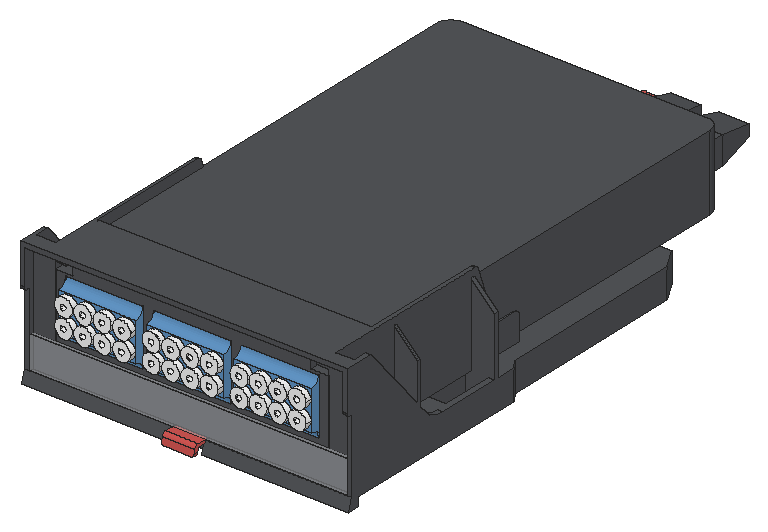
Revit family "Cassettes MTP", category Installations électriques, Revit 2020
Family settings
  Conserver l'orientation des annotations = Non
  Cote de connecteur circulaire = Utiliser le diamètre
  Type d'élément = Normal
  Basée sur le plan de construction = Non
  Toujours verticalement = Oui
  Couper avec des vides une fois chargée = Non
  Partagée = Non
  Point de calcul de pièce = Non
Parameters (values of type "Cassette MTP 24 LC OS2 panneau HD Ultra")
  Libellé BIM = "Cassette MTP 24 LC OS2 panneau HD Ultra"
  Profondeur = 196 mm
  Hauteur = 43.7 mm
  Couleur = IDS_NOIR
  Type de connecteur interne = "MT/MPO"
  Température de fonctionnement = "-10°C à 60°C"
  Lien e-catalogue = "https://www.legrand.fr/reference/032144/pro"
  Classe ETIM = "EC001130"
  Avec pigtails = no
  Avec façade = no
  Approprié pour nombre de connecteurs = 24
  Connecteurs LC = Connecteurs LC : 24 fibres OS2 monomode
  Elévation par défaut = 0 mm
  EAN = "3414970962188"
  Connecteurs SC = Connecteurs SC : 12 fibres OM4 multimode
  Visibilité des connecteurs = Nombre de connecteurs face arrière = 2  # yes
  Visibilité connecteurs LC = yes
  Visibilité connecteurs SC = no
  Avec boîtier = yes
  Classe de fibre optique = "OS2"
  Croisé = no
  Fonction = "Cassettes Slim haute densité MTP"
  Nombre de connecteurs face arrière = 2
  Nombre de connecteurs face avant = 24
  Température de stockage = "-10°C à 60°C"
  Type de connecteur externe = "LC_DUPLEX"
  Type de fibre optique = "Monomode"
  Largeur (mm) = 110 mm
  Référence Legrand = "032144"
Reference planes
  plane 1 "Centre (avant/arrière)": y = 0
  plane 2: z = 0
  plane 3 "Centre (gauche/droite)": x = 0
  plane 4: x = 110
  plane 5: x = 55
  plane 6: z = 10
  plane 7: z = 40.5
  plane 8: x = 8
  plane 9: y = 143
  plane 10: z = 37.3
  plane 11: x = 96
  plane 12: z = 29.3
  plane 13: y = 166.5
  plane 14: x = 80
  plane 15: x = 12.5
  plane 16: z = 13.8
  plane 17: y = 1.5
  plane 18: y = 27.5
  plane 19: z = 30
  plane 20: z = 38
  plane 21: z = 30
  plane 22: z = 38
  plane 23: z = 30
  plane 24: z = 38
  plane 25: z = 30
  plane 26: z = 38
Forms (mm)
  Extrusion 1, solid, material "IDS_NOIR" <- "Couleur"
    sketch origin (0, 0, 0) x (1, 0, 0) y (0, 1, 0)
      loop
        line (110, 0) -> (110, 68) -> (107.5, 71.441) -> (107.5, 135.5) -> (103.17, 143) -> (55, 143) -> (6.83, 143) -> (2.5, 135.5) -> (2.5, 71.441) -> (0, 68) -> (0, 0) -> (110, 0)
      loop
        line (2, 60) -> (2, 42) -> (10, 42) -> (10, 60) -> (2, 60)
      loop
        line (108, 60) -> (100, 60) -> (100, 42) -> (108, 42) -> (108, 60)
    from 0 to 10
  Extrusion 2, solid, material "IDS_NOIR" <- "Couleur"
    sketch origin (0, 0, 0) x (0, 1, 0) y (0, 0, 1)
      loop
        arc (38, 10) -> (33.774, 10.937) -> (30.34, 13.572) r 10
        line (30.34, 13.572) -> (7.744, 40.5) -> (-2, 40.5) -> (-2, 27)
        arc (-2, 27) -> (-1.707, 26.293) -> (-1, 26) r 1
        line (-1, 26) -> (0, 26) -> (0, 10) -> (38, 10)
    from 0 to 1.5
  Extrusion 3, solid, material "IDS_NOIR" <- "Couleur"
    sketch origin (110, 0, 0) x (0, 1, 0) y (0, 0, -1)
      loop
        line (38, -10) -> (0, -10) -> (0, -26) -> (-1, -26)
        arc (-1, -26) -> (-1.707, -26.293) -> (-2, -27) r 1
        line (-2, -27) -> (-2, -40.5) -> (7.744, -40.5) -> (30.34, -13.572)
        arc (30.34, -13.572) -> (33.774, -10.937) -> (38, -10) r 10
    from 0 to 1.5
  Extrusion 4, solid, material "IDS_NOIR" <- "Couleur"
    sketch origin (0, 45.834, 40.5) x (0, 1, 0) y (-1, 0, 0)
      loop
        line (-47.834, -1.5) -> (-47.834, -108.5) -> (-42.834, -108.5) -> (-42.834, -101) -> (-26.334, -101) -> (-26.334, -9) -> (-42.834, -9) -> (-42.834, -1.5) -> (-47.834, -1.5)
    from -1.5 to 0
  Extrusion 5, solid, material "IDS_NOIR" <- "Couleur"
    sketch origin (8, -1524, 47.803) x (0, 0, 1) y (0, -1, 0)
      loop
        line (-7.303, -1527) -> (-37.803, -1527) -> (-37.803, -1604) -> (-29.803, -1604)
        arc (-29.803, -1604) -> (-28.742, -1603.561) -> (-28.303, -1602.5) r 1.5
        line (-28.303, -1602.5) -> (-28.303, -1595.05)
        arc (-28.303, -1595.05) -> (-28.032, -1594.19) -> (-27.316, -1593.641) r 1.5
        line (-27.316, -1593.641) -> (-8.29, -1586.716)
        arc (-8.29, -1586.716) -> (-7.574, -1586.167) -> (-7.303, -1585.306) r 1.5
        line (-7.303, -1585.306) -> (-7.303, -1527)
    from 0 to 1
  Extrusion 6, solid, material "IDS_NOIR" <- "Couleur"
    sketch origin (102, -1524, 47.803) x (0, 0, 1) y (0, 1, 0)
      loop
        line (-7.303, 1527) -> (-7.303, 1585.306)
        arc (-7.303, 1585.306) -> (-7.574, 1586.167) -> (-8.29, 1586.716) r 1.5
        line (-8.29, 1586.716) -> (-27.316, 1593.641)
        arc (-27.316, 1593.641) -> (-28.032, 1594.19) -> (-28.303, 1595.05) r 1.5
        line (-28.303, 1595.05) -> (-28.303, 1602.5)
        arc (-28.303, 1602.5) -> (-28.742, 1603.561) -> (-29.803, 1604) r 1.5
        line (-29.803, 1604) -> (-37.803, 1604) -> (-37.803, 1527) -> (-7.303, 1527)
    from 0 to 1
  Extrusion 7, solid, material "IDS_NOIR" <- "Couleur"
    sketch origin (108.5, 3, 40.5) x (-1, 0, 0) y (0, 0, 1)
      loop
        line (107, -1.5) -> (0, -1.5) -> (0, -31.5) -> (107, -31.5) -> (107, -1.5)
      loop
        line (99.5, -4.5) -> (95.5, -4.5) -> (95.5, -2.7) -> (11.5, -2.7) -> (11.5, -4.5) -> (7.5, -4.5) -> (7.5, -28.5) -> (99.5, -28.5) -> (99.5, -4.5)
    from 0 to -1.5
  Extrusion 8, void
    sketch origin (0, 0, 0) x (1, 0, 0) y (0, 0, 1)
      loop
        line (1.5, 10) -> (1.5, 0) -> (108.5, 0) -> (108.5, 10) -> (1.5, 10)
    from 0 to -1.5
  Extrusion 9, solid, material "IDS_NOIR" <- "Couleur"
    sketch origin (0, 0, 0) x (0, 1, 0) y (0, 0, 1)
      loop
        line (0, 1) -> (-1.399, -3) -> (2.5, -3) -> (2.5, 1) -> (0, 1)
    from 0 to 110
  Extrusion 10, solid, material "IDS_TRANSPARENT"
    sketch origin (0, 0, 0) x (1, 0, 0) y (0, 0, 1)
      loop
        line (1.5, 1) -> (108.5, 1) -> (108.5, 12) -> (1.5, 12) -> (1.5, 1)
    from 0 to -1.5
  Extrusion 11, solid, material "IDS_NOIR"
    sketch origin (0, 207.846, 10) x (0, 1, 0) y (-1, 0, 0)
      loop
        line (-206.346, -9) -> (-206.346, -101) -> (-46.346, -101)
        arc (-46.346, -101) -> (-42.811, -99.536) -> (-41.346, -96) r 5
        line (-41.346, -96) -> (-41.346, -14)
        arc (-41.346, -14) -> (-42.811, -10.464) -> (-46.346, -9) r 5
        line (-46.346, -9) -> (-206.346, -9)
    from 2 to 27.3
  Extrusion 12, solid, material "IDS_NOIR" <- "Couleur"
    sketch origin (0, 178.814, 29.3) x (0, 1, 0) y (-1, 0, 0)
      loop
        line (-12.314, -96) -> (-5.514, -96) -> (-5.514, -83) -> (-12.314, -83) -> (-12.314, -96)
    from 0 to -9.5
  Blend 13, solid, material "IDS_NOIR" <- "Couleur"
    base sketch origin (0, 0, 0) x (1, 0, 0) y (0, 0, 1)
      loop
        line (94.5, 26.55) -> (84.5, 26.55) -> (84.5, 22.55) -> (94.5, 22.55) -> (94.5, 26.55)
    top sketch origin (0, 0, 0) x (1, 0, 0) y (0, 0, 1)
      loop
        line (96, 29.3) -> (83, 29.3) -> (83, 19.8) -> (96, 19.8) -> (96, 29.3)
    from -185.8 to -173.3
  Extrusion 14, solid, material "IDS_NOIR" <- "Couleur", visible <- "Visibilité des connecteurs"
    sketch origin (-16, 178.814, 29.3) x (0, 1, 0) y (-1, 0, 0)
      loop
        line (-12.314, -96) -> (-5.514, -96) -> (-5.514, -83) -> (-12.314, -83) -> (-12.314, -96)
    from 0 to -9.5
  Blend 15, solid, material "IDS_NOIR" <- "Couleur", visible <- "Visibilité des connecteurs"
    base sketch origin (-16, 0, 0) x (1, 0, 0) y (0, 0, 1)
      loop
        line (94.5, 26.55) -> (84.5, 26.55) -> (84.5, 22.55) -> (94.5, 22.55) -> (94.5, 26.55)
    top sketch origin (-16, 0, 0) x (1, 0, 0) y (0, 0, 1)
      loop
        line (96, 29.3) -> (83, 29.3) -> (83, 19.8) -> (96, 19.8) -> (96, 29.3)
    from -185.8 to -173.3
  Extrusion 16, void
    sketch origin (0, 1.5, 0) x (-1, 0, 0) y (0, 0, 1)
      loop
        line (-9, 37.8) -> (-15, 37.8) -> (-15, 33.8) -> (-9, 33.8) -> (-9, 37.8)
      loop
        line (-101, 37.8) -> (-101, 33.8) -> (-95, 33.8) -> (-95, 37.8) -> (-101, 37.8)
      loop
        line (-12.5, 32.8) -> (-38.5, 32.8) -> (-38.5, 13.8) -> (-12.5, 13.8) -> (-12.5, 32.8)
      loop
        line (-97.5, 32.8) -> (-97.5, 13.8) -> (-71.5, 13.8) -> (-71.5, 32.8) -> (-97.5, 32.8)
      loop
        line (-68, 32.8) -> (-68, 13.8) -> (-42, 13.8) -> (-42, 32.8) -> (-68, 32.8)
    from 0 to 8.6
  Extrusion 17, void
    sketch origin (0, 0, 0) x (1, 0, 0) y (0, 0, 1)
      loop
        line (49.5, -3) -> (60.5, -3) -> (60.5, 1) -> (49.5, 1) -> (49.5, -3)
    from -1.5 to 1.5
  Extrusion 18, solid, material "IDS_ROUGE"
    sketch origin (49.5, 0, -2.301) x (0, 0, -1) y (0, 1, 0)
      loop
        line (-3.301, 1.5) -> (-3.301, -2.7)
        arc (-3.301, -2.7) -> (-2.95, -3.664) -> (-2.061, -4.177) r 1.5
        line (-2.061, -4.177) -> (0.127, -4.563) -> (0.301, -3.578) -> (-1.64, -3.236)
        arc (-1.64, -3.236) -> (-2.114, -2.963) -> (-2.301, -2.448) r 0.8
        line (-2.301, -2.448) -> (-2.301, 1.5) -> (-3.301, 1.5)
    from 0 to 11
  Extrusion 19, void
    sketch origin (49.5, -3.973, 0.92) x (0, 0.173648, 0.984808) y (1, 0, 0)
      loop
        line (-3.399, 1) -> (-3.399, 0) -> (-2.399, 0)
        arc (-2.399, 0) -> (-3.107, 0.293) -> (-3.399, 1) r 1
      loop
        arc (-3.399, 10) -> (-3.107, 10.707) -> (-2.399, 11) r 1
        line (-2.399, 11) -> (-3.399, 11) -> (-3.399, 10)
    from 0 to 1
  Extrusion 20, solid, material "IDS_ROUGE"
    sketch origin (0, 207.846, 12) x (-1, 0, 0) y (0, 1, 0)
      loop
        arc (-49, -41.346) -> (-45.464, -39.882) -> (-44, -36.346) r 5
        line (-44, -36.346) -> (-44, -21.346)
        arc (-44, -21.346) -> (-45.464, -17.811) -> (-49, -16.346) r 5
        line (-49, -16.346) -> (-61, -16.346)
        arc (-61, -16.346) -> (-64.536, -17.811) -> (-66, -21.346) r 5
        line (-66, -21.346) -> (-66, -36.346)
        arc (-66, -36.346) -> (-64.536, -39.882) -> (-61, -41.346) r 5
        line (-61, -41.346) -> (-49, -41.346)
      loop
        arc (-45.2, -21.346) -> (-46.313, -18.659) -> (-49, -17.546) r 3.8
        line (-49, -17.546) -> (-61, -17.546)
        arc (-61, -17.546) -> (-63.687, -18.659) -> (-64.8, -21.346) r 3.8
        line (-64.8, -21.346) -> (-64.8, -36.346)
        arc (-64.8, -36.346) -> (-63.687, -39.033) -> (-61, -40.146) r 3.8
        line (-61, -40.146) -> (-49, -40.146)
        arc (-49, -40.146) -> (-46.313, -39.033) -> (-45.2, -36.346) r 3.8
        line (-45.2, -36.346) -> (-45.2, -21.346)
    from 0 to -5.5
  Extrusion 21, solid, material "IDS_ROUGE"
    sketch origin (0, 207.846, 12) x (0, -1, 0) y (-1, 0, 0)
      loop
        line (17.546, -49) -> (17.546, -61)
        arc (17.546, -61) -> (18.659, -63.687) -> (21.346, -64.8) r 3.8
        line (21.346, -64.8) -> (36.346, -64.8)
        arc (36.346, -64.8) -> (39.033, -63.687) -> (40.146, -61) r 3.8
        line (40.146, -61) -> (40.146, -49)
        arc (40.146, -49) -> (39.033, -46.313) -> (36.346, -45.2) r 3.8
        line (36.346, -45.2) -> (21.346, -45.2)
        arc (21.346, -45.2) -> (18.659, -46.313) -> (17.546, -49) r 3.8
      loop
        line (18.546, -53.5) -> (18.546, -56.5)
        arc (18.546, -56.5) -> (20.597, -61.45) -> (25.546, -63.5) r 7
        line (25.546, -63.5) -> (32.146, -63.5)
        arc (32.146, -63.5) -> (37.096, -61.45) -> (39.146, -56.5) r 7
        line (39.146, -56.5) -> (39.146, -53.5)
        arc (39.146, -53.5) -> (37.096, -48.55) -> (32.146, -46.5) r 7
        line (32.146, -46.5) -> (25.546, -46.5)
        arc (25.546, -46.5) -> (20.597, -48.55) -> (18.546, -53.5) r 7
    from 0 to -1.2
  Extrusion 22, solid, material "IDS_ROUGE"
    sketch origin (0, 0, 0) x (1, 0, 0) y (0, 1, 0)
      loop
        line (49, 191.5) -> (61, 191.5) -> (61, 197.5)
        arc (61, 197.5) -> (60.707, 198.207) -> (60, 198.5) r 1
        line (60, 198.5) -> (50, 198.5)
        arc (50, 198.5) -> (49.293, 198.207) -> (49, 197.5) r 1
        line (49, 197.5) -> (49, 191.5)
    from 15 to 12
  Extrusion 23, solid, material "IDS_NOIR" <- "Couleur"
    sketch origin (-16.315, 27.5, 1200) x (-1, 0, 0) y (0, 0, 1)
      loop
        line (-16.315, -1200) -> (-16.315, -1170) -> (-24.315, -1162) -> (-24.315, -1200) -> (-16.315, -1200)
      loop
        line (-126.315, -1200) -> (-118.315, -1200) -> (-118.315, -1162) -> (-126.315, -1170) -> (-126.315, -1200)
    from 0 to 1
  Extrusion 24, solid, material "IDS_NOIR" <- "Couleur"
    sketch origin (-16.315, 60, 1200) x (-1, 0, 0) y (0, 0, 1)
      loop
        line (-16.315, -1200) -> (-16.315, -1170) -> (-24.315, -1162) -> (-24.315, -1200) -> (-16.315, -1200)
      loop
        line (-126.315, -1200) -> (-118.315, -1200) -> (-118.315, -1162) -> (-126.315, -1170) -> (-126.315, -1200)
    from 0 to 1
Cuts and joins
  Extrusion 8, Extrusion 17 cuts Extrusion 1
  Extrusion 8, Extrusion 17 cuts Extrusion 2
  Extrusion 8, Extrusion 17 cuts Extrusion 3
  Extrusion 8, Extrusion 17 cuts Extrusion 4
  Extrusion 17 cuts Extrusion 5
  Extrusion 17 cuts Extrusion 6
  Extrusion 17 cuts Extrusion 7
  Extrusion 17 cuts Extrusion 9
  joined: Extrusion 1, Extrusion 2, Extrusion 3, Extrusion 4, Extrusion 5, Extrusion 6, Extrusion 7, Extrusion 9, Extrusion 23, Extrusion 24
  joined: Extrusion 12, Blend 13
  Extrusion 16 cuts Extrusion 11
  Extrusion 19 cuts Extrusion 18
  joined: Extrusion 20, Extrusion 21, Extrusion 22
Dimensions and locks
  "Largeur (mm)": plane 4 to plane 3 "Centre (gauche/droite)"
  equal spacing: plane 3 "Centre (gauche/droite)", plane 5, plane 4, locked at 55 each
  locked: Extrusion 1 sketch curve to plane 5 at 52.5  (x2)
  locked: Extrusion 1 sketch curve to Extrusion 1 sketch curve at 68  (x2)
  Extrusion 1 sketch curve to Extrusion 1 sketch curve = 7.5 mm  (x2)
  locked: Extrusion 1 sketch curve to Extrusion 1 sketch curve at 2  (x2)
  locked: Extrusion 1 sketch curve to Extrusion 1 sketch curve at 8  (x2)
  locked: Extrusion 1 sketch curve to Extrusion 1 sketch curve at 42  (x2)
  locked: Extrusion 1 sketch curve to Extrusion 1 sketch curve at 18  (x2)
  locked: plane 6 to plane 2 at 10
  plane 7 to level = 40.5 mm
  locked: Extrusion 2 sketch curve to Extrusion 2 sketch curve at 38
  Extrusion 2 sketch curve to Extrusion 2 sketch curve = 2 mm
  Extrusion 2 sketch curve to Extrusion 1 = 16 mm
  locked: Extrusion 3 sketch curve to Extrusion 3 sketch curve at 38
  Extrusion 3 sketch curve to Extrusion 3 sketch curve = 2 mm
  locked: Extrusion 4 sketch curve to Extrusion 4 sketch curve at 5
  locked: Extrusion 5 sketch curve to cut or joined group 1 (Extrusion 1, Extrusion 2, Extrusion 3, Extrusion 4, Extrusion 5, Extrusion 6, Extrusion 7, Extrusion 8, Extrusion 9, Extrusion 17, Extrusion 23, Extrusion 24) at 5
  locked: Extrusion 5 sketch curve to Extrusion 5 sketch curve at 77
  Extrusion 5 sketch curve to cut or joined group 1 = 9.5 mm
  Extrusion 5 sketch curve to Extrusion 5 sketch curve = 8.95 mm
  locked: plane 8 to plane 3 "Centre (gauche/droite)" at 8
  locked: Extrusion 6 sketch curve to Extrusion 6 sketch curve at 77
  Extrusion 6 sketch curve to Extrusion 6 sketch curve = 8.95 mm
  Extrusion 4 sketch curve to cut or joined group 1 = 21.5 mm
  locked: Extrusion 7 sketch curve to level at 12
  locked: Extrusion 7 sketch curve to Extrusion 7 sketch curve at 24
  locked: Extrusion 7 sketch curve to Extrusion 7 sketch curve at 1.8
  locked: Extrusion 7 sketch curve to Extrusion 7 sketch curve at 84
  cut or joined group 1 to cut or joined group 1 = 6.5 mm  (x2)
  locked: cut or joined group 1 to plane 3 "Centre (gauche/droite)" at 13
  locked: Extrusion 9 sketch curve to plane 1 "Centre (avant/arrière)" at 2.5
  locked: level to Extrusion 9 sketch curve at 3
  locked: Extrusion 9 sketch curve to Extrusion 9 sketch curve at 4
  plane 1 "Centre (avant/arrière)" to plane 9 = 143 mm
  locked: plane 10 to level at 37.3
  locked: plane 11 to Extrusion 11 at 5
  locked: Extrusion 12 sketch curve to Extrusion 11 at 6.8
  locked: Extrusion 12 sketch curve to plane 11 at 13
  plane 10 to plane 12 = 8 mm
  locked: Extrusion 12 to plane 12 at 9.5
  locked: plane 13 to plane 1 "Centre (avant/arrière)" at 166.5
  locked: Extrusion 14 sketch curve to plane 14 at 13
  Extrusion 16 sketch curve to Extrusion 16 sketch curve to plane 5 = 6 mm, 40 mm  (x2)
  locked: Extrusion 16 sketch curve to Extrusion 16 sketch curve at 4  (x2)
  locked: Extrusion 11 to Extrusion 16 sketch curve at 3.5
  locked: cut or joined group 1 to Extrusion 16 sketch curve at 5
  locked: Extrusion 16 sketch curve to Extrusion 16 sketch curve at 19  (x3)
  locked: Extrusion 16 sketch curve to Extrusion 16 sketch curve at 26  (x3)
  cut or joined group 1 to Extrusion 16 sketch curve = 5 mm
  Extrusion 11 to Extrusion 16 sketch curve = 3.5 mm
  locked: Extrusion 16 sketch curve to Extrusion 16 sketch curve at 3.5  (x2)
  locked: Extrusion 17 sketch curve to plane 5 at 5.5  (x2)
  cut or joined group 1 to Extrusion 18 sketch curve = 4 mm
  cut or joined group 1 to Extrusion 18 sketch curve = 2.7 mm
  locked: plane 5 to Extrusion 20 sketch curve at 11
  locked: Extrusion 20 sketch curve to plane 5 at 11
  locked: Extrusion 20 sketch curve to cut or joined group of Extrusion 11, Extrusion 16 at 25
  Extrusion 21 sketch curve to plane 5 = 8.5 mm
  plane 5 to Extrusion 21 sketch curve = 8.5 mm
  Extrusion 21 sketch curve to Extrusion 20 = 1 mm  (x2)
  Extrusion 22 sketch curve to cut or joined group of Extrusion 20, Extrusion 21, Extrusion 22 = 7 mm
  Extrusion 22 sketch curve to plane 5 = 6 mm
  plane 5 to Extrusion 22 sketch curve = 6 mm
  locked: plane 1 "Centre (avant/arrière)" to plane 18 at 27.5
  plane 19 to level = 30 mm
  plane 20 to level = 38 mm
  radius of Extrusion 2 sketch curve = 10 mm
  radius of Extrusion 3 sketch curve = 10 mm
  radius of Extrusion 11 sketch curve = 5 mm  (x2)
  radius of Extrusion 20 sketch curve = 5 mm  (x4)
  locked: Extrusion 1 sketch curve to Extrusion 1 sketch curve (angle 150.00°)  (x2)
  angle Extrusion 1 sketch curve to Extrusion 1 sketch curve = 144.00°  (x2)
  locked: Extrusion 2 sketch curve to Extrusion 2 sketch curve (angle 130.00°)
  angle Extrusion 3 sketch curve to Extrusion 3 sketch curve = 130.00°
  locked: Extrusion 5 sketch curve to Extrusion 5 sketch curve (angle 110.00°)
  angle Extrusion 6 sketch curve to Extrusion 6 sketch curve = 110.00°
  locked: Extrusion 18 sketch curve to Extrusion 18 sketch curve (angle 100.00°)
  aligned and locked: level to plane 2
  aligned and locked: plane 4 to Extrusion 1 sketch curve
  aligned and locked: Extrusion 1 sketch curve to plane 1 "Centre (avant/arrière)"
  aligned and locked: plane 3 "Centre (gauche/droite)" to Extrusion 1 sketch curve
  aligned and locked: plane 5 to Extrusion 1 sketch curve  (x2)
  aligned and locked: plane 6 to Extrusion 1
  aligned and locked: plane 6 to Extrusion 2 sketch curve
  aligned and locked: Extrusion 2 sketch curve to Extrusion 1
  aligned and locked: Extrusion 2 sketch curve to plane 7
  aligned and locked: Extrusion 3 to plane 4
  aligned and locked: cut or joined group 1 to Extrusion 4 sketch curve
  aligned and locked: Extrusion 4 sketch curve to cut or joined group 1  (x2)
  aligned and locked: plane 7 to Extrusion 4
  aligned and locked: plane 6 to Extrusion 5 sketch curve
  aligned and locked: Extrusion 5 sketch curve to plane 7
  aligned and locked: Extrusion 5 to plane 8
  aligned and locked: Extrusion 4 sketch curve to Extrusion 5
  aligned and locked: Extrusion 4 sketch curve to Extrusion 6
  aligned and locked: Extrusion 4 sketch curve to Extrusion 4 sketch curve
  aligned and locked: Extrusion 8 sketch curve to cut or joined group 1  (x3)
  aligned and locked: Extrusion 7 sketch curve to Extrusion 7 sketch curve
  aligned and locked: plane 1 "Centre (avant/arrière)" to Extrusion 9 sketch curve
  aligned and locked: Extrusion 9 to plane 4
  aligned and locked: Extrusion 10 sketch curve to cut or joined group 1  (x4)
  aligned and locked: Extrusion 10 to cut or joined group 1
  aligned and locked: Extrusion 1 sketch curve to plane 9
  aligned and locked: Extrusion 11 sketch curve to cut or joined group 1  (x3)
  aligned and locked: Extrusion 11 to plane 10
  aligned and locked: plane 11 to Extrusion 12 sketch curve
  aligned and locked: Blend 13 sketch curve to Extrusion 12  (x4)
  aligned and locked: Blend 13 to Extrusion 12
  aligned and locked: plane 13 to Extrusion 11
  aligned and locked: plane 13 to Extrusion 11 sketch curve
  aligned and locked: plane 14 to Extrusion 14 sketch curve
  aligned and locked: Blend 15 sketch curve to Extrusion 14  (x4)
  aligned and locked: Blend 15 to Extrusion 14
  aligned and locked: Extrusion 11 to cut or joined group 1
  aligned and locked: plane 16 to cut or joined group of Extrusion 11, Extrusion 16
  aligned and locked: plane 15 to cut or joined group of Extrusion 11, Extrusion 16
  aligned and locked: plane 17 to cut or joined group 1
  aligned and locked: cut or joined group 1 to Extrusion 17 sketch curve  (x2)
  aligned and locked: Extrusion 7 to Extrusion 17
  aligned and locked: plane 17 to Extrusion 18 sketch curve  (x2)
  aligned and locked: cut or joined group 1 to Extrusion 18
  aligned and locked: Extrusion 18 to Extrusion 19
  aligned and locked: Extrusion 20 sketch curve to plane 13
  aligned and locked: Extrusion 21 sketch curve to Extrusion 20  (x2)
  aligned and locked: Extrusion 22 sketch curve to cut or joined group of Extrusion 20, Extrusion 21, Extrusion 22
  aligned and locked: plane 15 to nested 1
  aligned and locked: plane 15 to nested 2
  aligned and locked: nested 2 to nested 1
  aligned and locked: Extrusion 23 sketch curve to plane 3 "Centre (gauche/droite)"
  aligned and locked: plane 8 to Extrusion 23 sketch curve
  aligned and locked: Extrusion 23 sketch curve to plane 2
Automatic sketch dimensions
  Extrusion 2 sketch curve to plane 6 = 0 mm
  Extrusion 2 sketch curve to Extrusion 2 sketch curve = 1 mm
  Extrusion 2 sketch curve to plane 16 = 0.228 mm
  Extrusion 2 sketch curve to Extrusion 2 sketch curve = 0 mm
  Extrusion 3 sketch curve to plane 7 = 0 mm
  Extrusion 3 sketch curve to plane 1 "Centre (avant/arrière)" = 0 mm
  Extrusion 3 sketch curve to plane 6 = 0 mm  (x2)
  Extrusion 3 sketch curve to Extrusion 3 sketch curve = 1 mm
  Extrusion 3 sketch curve to plane 16 = 0.228 mm
  Extrusion 3 sketch curve to plane 12 = 2.3 mm
  Extrusion 3 sketch curve to Extrusion 3 sketch curve = 0 mm
  Extrusion 5 sketch curve to Extrusion 5 sketch curve = 1.5 mm  (x2)
  Extrusion 5 sketch curve to Extrusion 5 sketch curve = 0.987 mm
  Extrusion 6 sketch curve to plane 6 = 0 mm
  Extrusion 6 sketch curve to plane 7 = 0 mm
  plane 16 to Extrusion 6 sketch curve = 4.2 mm
  Extrusion 6 sketch curve to Extrusion 6 sketch curve = 1.5 mm  (x2)
  Extrusion 6 sketch curve to Extrusion 6 sketch curve = 0.987 mm
  plane 17 to Extrusion 6 sketch curve = 1.5 mm
  Extrusion 7 sketch curve to Extrusion 4 = 0 mm  (x3)
  Extrusion 4 to Extrusion 7 sketch curve = 4 mm
  Extrusion 7 sketch curve to Extrusion 7 sketch curve = 4 mm
  Extrusion 7 sketch curve to Extrusion 7 sketch curve = 7.5 mm
  Extrusion 7 sketch curve to Extrusion 7 sketch curve = 3 mm
  plane 4 to Extrusion 8 sketch curve = 1.5 mm
  plane 1 "Centre (avant/arrière)" to Extrusion 9 sketch curve = 1.399 mm
  Extrusion 11 sketch curve to Extrusion 11 sketch curve = 0 mm  (x2)
  Extrusion 12 sketch curve to plane 13 = 0 mm
  Blend 13 sketch curve to plane 12 = 2.75 mm
  plane 4 to Blend 13 sketch curve = 25.5 mm
  Blend 13 sketch curve to Blend 13 sketch curve = 10 mm
  Blend 13 sketch curve to Blend 13 sketch curve = 4 mm
  Extrusion 14 sketch curve to plane 13 = 0 mm
  Extrusion 14 sketch curve to Extrusion 14 sketch curve = 6.8 mm
  Blend 15 sketch curve to plane 12 = 2.75 mm
  plane 5 to Blend 15 sketch curve = 13.5 mm
  Blend 15 sketch curve to Blend 15 sketch curve = 10 mm
  Blend 15 sketch curve to Blend 15 sketch curve = 4 mm
  Extrusion 16 sketch curve to Extrusion 16 sketch curve = 0 mm
  Extrusion 16 sketch curve to Extrusion 16 sketch curve = 1 mm  (x2)
  Extrusion 17 to Extrusion 18 sketch curve = 1 mm
  Extrusion 17 to Extrusion 18 sketch curve = 1.24 mm
  Extrusion 18 sketch curve to Extrusion 18 sketch curve = 0.161 mm
  Extrusion 18 sketch curve to Extrusion 17 = 0.572 mm
  Extrusion 18 sketch curve to Extrusion 17 = 0.398 mm
  Extrusion 18 to Extrusion 19 sketch curve = 0 mm  (x2)
  Extrusion 19 sketch curve to Extrusion 18 = 0 mm  (x2)
  Extrusion 18 to Extrusion 19 sketch curve = 1 mm  (x2)
  Extrusion 20 sketch curve to Extrusion 20 sketch curve = 0 mm  (x7)
  Extrusion 20 sketch curve to Extrusion 20 sketch curve = 1.2 mm
  Extrusion 20 to Extrusion 21 sketch curve = 0 mm
  Extrusion 21 sketch curve to Extrusion 21 sketch curve = 4.2 mm  (x2)
  Extrusion 21 sketch curve to Extrusion 21 sketch curve = 6.6 mm
  Extrusion 21 sketch curve to Extrusion 21 sketch curve = 0 mm
  Extrusion 21 sketch curve to Extrusion 20 = 3.8 mm  (x2)
  Extrusion 22 sketch curve to Extrusion 22 sketch curve = 1 mm  (x2)
  Extrusion 23 sketch curve to level = 0 mm
  plane 4 to Extrusion 23 sketch curve = 0 mm
  Extrusion 23 sketch curve to plane 20 = 0 mm  (x2)
  Extrusion 23 sketch curve to plane 19 = 0 mm  (x2)
  plane 4 to Extrusion 23 sketch curve = 8 mm
  Extrusion 24 sketch curve to level = 0 mm  (x2)
  plane 4 to Extrusion 24 sketch curve = 0 mm
  Extrusion 24 sketch curve to plane 24 = 0 mm  (x2)
  Extrusion 24 sketch curve to plane 8 = 0 mm
  Extrusion 24 sketch curve to plane 3 "Centre (gauche/droite)" = 0 mm
  Extrusion 24 sketch curve to plane 23 = 0 mm  (x2)
  plane 4 to Extrusion 24 sketch curve = 8 mm
Nested families
  nested 1: "Connecteurs LC" at (12.5, -1.5, 13.8), type <- "Connecteurs LC", visible <- "Visibilité connecteurs LC", type "24 fibres OS2 monomode"
  nested 2: "Connecteurs SC" at (12.5, -1.5, 13.8), type <- "Connecteurs SC", visible <- "Visibilité connecteurs SC", type "12 fibres OM4 multimode"
Definition of nested family "Connecteurs LC"
  Parameters (values of type "24 fibres OS2 monomode")
    IDS_COULEUR = none
    Default Elevation = 0 mm
    Nombre de connecteurs = 24
    Visibilité cachée = Nombre de connecteurs = 12  # no
    Connecteurs cachés = if(Nombre de connecteurs = 12, 13.8 mm, -1 mm)  # -1 mm
  Types (4, lengths in mm): name | Nombre de connecteurs | Visibilité cachée | Connecteurs cachés
    24 fibres OM4 multi mode | 24 | no | -1
    24 fibres OS2 monomode | 24 | no | -1
    12 fibres OM4 multimode | 12 | yes | 13.8
    12 fibres OS2 monomode | 12 | yes | 13.8
  Reference planes
    plane 1 "Centre (avant/arrière)": y = 0
    plane 2: z = 0
    plane 3 "Centre (gauche/droite)": x = 0
    plane 4: z = 19
    plane 5: x = 85
    plane 6: y = 11.6
    plane 7: x = 26
    plane 8: x = 29.5
    plane 9: x = 55.5
    plane 10: x = 59
    plane 11: z = 9.5
    plane 12: x = 13
    plane 13: x = 6.5
    plane 14: z = 12.75
    plane 15: x = 3.25
    plane 16: x = 9.75
    plane 17: x = 22.75
    plane 18: x = 16.25
    plane 19: y = 3
    plane 20: x = 13
    plane 21: x = 6.5
    plane 22: z = 6.25
    plane 23: x = 3.25
    plane 24: x = 9.75
    plane 25: x = 22.75
    plane 26: x = 16.25
    plane 27: x = 42.5
    plane 28: x = 36
    plane 29: z = 12.75
    plane 30: x = 32.75
    plane 31: x = 39.25
    plane 32: x = 52.25
    plane 33: x = 45.75
    plane 34: x = 42.5
    plane 35: x = 36
    plane 36: z = 6.25
    plane 37: x = 32.75
    plane 38: x = 39.25
    plane 39: x = 52.25
    plane 40: x = 45.75
    plane 41: x = 72
    plane 42: x = 65.5
    plane 43: z = 12.75
    plane 44: x = 62.25
    plane 45: x = 68.75
    plane 46: x = 81.75
    plane 47: x = 75.25
    plane 48: x = 72
    plane 49: x = 65.5
    plane 50: z = 6.25
    plane 51: x = 62.25
    plane 52: x = 68.75
    plane 53: x = 81.75
    plane 54: x = 75.25
  Forms (mm)
    Extrusion 1, solid, material <- "IDS_COULEUR"
      sketch origin (0, 0, 0) x (0, 1, 0) y (0, 0, 1)
        loop
          line (3, 0) -> (11.6, 0) -> (11.6, 19) -> (3, 19)
          arc (3, 19) -> (2.121, 16.879) -> (0, 16) r 3
          line (0, 16) -> (0, 3)
          arc (0, 3) -> (2.121, 2.121) -> (3, 0) r 3
      from 0 to 26
    Extrusion 2, solid
      sketch origin (0, 0, 0) x (1, 0, 0) y (0, 0, 1)
        loop
          circle (3.25, 12.75) r 3
        loop
          circle (9.75, 12.75) r 3
        loop
          circle (16.25, 12.75) r 3
        loop
          circle (22.75, 12.75) r 3
        loop
          circle (3.25, 12.75) r 1
        loop
          circle (9.75, 12.75) r 1
        loop
          circle (16.25, 12.75) r 1
        loop
          circle (22.75, 12.75) r 1
      from 0 to 2
    Extrusion 3, solid
      sketch origin (0, 0, 19) x (1, 0, 0) y (0, 0, 1)
        loop
          circle (3.25, -12.75) r 3
        loop
          circle (9.75, -12.75) r 3
        loop
          circle (16.25, -12.75) r 3
        loop
          circle (22.75, -12.75) r 3
        loop
          circle (3.25, -12.75) r 1
        loop
          circle (9.75, -12.75) r 1
        loop
          circle (16.25, -12.75) r 1
        loop
          circle (22.75, -12.75) r 1
      from 0 to 2
    Extrusion 4, solid, material <- "IDS_COULEUR"
      sketch origin (29.5, 0, 0) x (0, 1, 0) y (0, 0, 1)
        loop
          line (3, 0) -> (11.6, 0) -> (11.6, 19) -> (3, 19)
          arc (3, 19) -> (2.121, 16.879) -> (0, 16) r 3
          line (0, 16) -> (0, 3)
          arc (0, 3) -> (2.121, 2.121) -> (3, 0) r 3
      from 0 to 26
    Extrusion 5, solid
      sketch origin (29.5, 0, 0) x (1, 0, 0) y (0, 0, 1)
        loop
          circle (3.25, 12.75) r 3
        loop
          circle (9.75, 12.75) r 3
        loop
          circle (16.25, 12.75) r 3
        loop
          circle (22.75, 12.75) r 3
        loop
          circle (3.25, 12.75) r 1
        loop
          circle (9.75, 12.75) r 1
        loop
          circle (16.25, 12.75) r 1
        loop
          circle (22.75, 12.75) r 1
      from 0 to 2
    Extrusion 6, solid
      sketch origin (29.5, 0, 19) x (1, 0, 0) y (0, 0, 1)
        loop
          circle (3.25, -12.75) r 3
        loop
          circle (9.75, -12.75) r 3
        loop
          circle (16.25, -12.75) r 3
        loop
          circle (22.75, -12.75) r 3
        loop
          circle (3.25, -12.75) r 1
        loop
          circle (9.75, -12.75) r 1
        loop
          circle (16.25, -12.75) r 1
        loop
          circle (22.75, -12.75) r 1
      from 0 to 2
    Extrusion 7, solid, material <- "IDS_COULEUR"
      sketch origin (59, 0, 0) x (0, 1, 0) y (0, 0, 1)
        loop
          line (3, 0) -> (11.6, 0) -> (11.6, 19) -> (3, 19)
          arc (3, 19) -> (2.121, 16.879) -> (0, 16) r 3
          line (0, 16) -> (0, 3)
          arc (0, 3) -> (2.121, 2.121) -> (3, 0) r 3
      from 0 to 26
    Extrusion 8, solid
      sketch origin (59, 0, 0) x (1, 0, 0) y (0, 0, 1)
        loop
          circle (3.25, 12.75) r 3
        loop
          circle (9.75, 12.75) r 3
        loop
          circle (16.25, 12.75) r 3
        loop
          circle (22.75, 12.75) r 3
        loop
          circle (3.25, 12.75) r 1
        loop
          circle (9.75, 12.75) r 1
        loop
          circle (16.25, 12.75) r 1
        loop
          circle (22.75, 12.75) r 1
      from 0 to 2
    Extrusion 9, solid
      sketch origin (59, 0, 19) x (1, 0, 0) y (0, 0, 1)
        loop
          circle (3.25, -12.75) r 3
        loop
          circle (9.75, -12.75) r 3
        loop
          circle (16.25, -12.75) r 3
        loop
          circle (22.75, -12.75) r 3
        loop
          circle (3.25, -12.75) r 1
        loop
          circle (9.75, -12.75) r 1
        loop
          circle (16.25, -12.75) r 1
        loop
          circle (22.75, -12.75) r 1
      from 0 to 2
    Extrusion 10, solid, visible <- "Visibilité cachée"
      sketch origin (0, 0, 0) x (1, 0, 0) y (0, 0, 1)
        loop
          line (0, 0) -> (26, 0) -> (26, 9.5) -> (0, 9.5) -> (0, 0)
        loop
          line (29.5, 0) -> (55.5, 0) -> (55.5, 9.5) -> (29.5, 9.5) -> (29.5, 0)
        loop
          line (59, 0) -> (85, 0) -> (85, 9.5) -> (59, 9.5) -> (59, 0)
      from -3 to -11.6
    Extrusion 11, void
      sketch origin (-66.882, 11.6, 1200) x (1, 0, 0) y (0, 0, 1)
        loop
          line (66.882, -1200) -> (151.882, -1200) -> (151.882, -1190.5) -> (66.882, -1190.5) -> (66.882, -1200)
      from 0 to -1 <- "Connecteurs cachés"
  Cuts and joins
    Extrusion 11 cuts Extrusion 1
    Extrusion 11 cuts Extrusion 3
    Extrusion 11 cuts Extrusion 4
    Extrusion 11 cuts Extrusion 6
    Extrusion 11 cuts Extrusion 7
    Extrusion 11 cuts Extrusion 9
  Dimensions and locks
    locked: plane 5 to plane 3 "Centre (gauche/droite)" at 85
    locked: plane 4 to plane 2 at 19
    locked: plane 6 to plane 1 "Centre (avant/arrière)" at 11.6
    locked: plane 8 to plane 7 at 3.5
    locked: plane 7 to plane 3 "Centre (gauche/droite)" at 26
    locked: plane 8 to plane 9 at 26
    locked: plane 10 to plane 9 at 3.5
    plane 5 to plane 10 = 26 mm
    equal spacing: plane 2, plane 11, plane 4, locked at 9.5 each
    equal spacing: plane 3 "Centre (gauche/droite)", plane 12, plane 7
    equal spacing: Extrusion 1, plane 13, plane 12
    equal spacing: Extrusion 1, plane 14, plane 11
    equal spacing: plane 3 "Centre (gauche/droite)", plane 15, plane 13
    equal spacing: plane 12, plane 16, plane 13
    plane 21 to plane 20 = 6.5 mm
    plane 23 to plane 21 = 3.25 mm
    equal spacing: plane 20, plane 24, plane 21
    equal spacing: Extrusion 4, plane 28, plane 27
    Extrusion 4 to plane 29 = 3.25 mm
    plane 30 to plane 28 = 3.25 mm
    equal spacing: plane 27, plane 31, plane 28
    plane 35 to plane 34 = 6.5 mm
    plane 37 to plane 35 = 3.25 mm
    equal spacing: plane 34, plane 38, plane 35
    equal spacing: Extrusion 7, plane 42, plane 41
    Extrusion 7 to plane 43 = 3.25 mm
    plane 44 to plane 42 = 3.25 mm
    equal spacing: plane 41, plane 45, plane 42
    plane 49 to plane 48 = 6.5 mm
    plane 51 to plane 49 = 3.25 mm
    equal spacing: plane 48, plane 52, plane 49
    Extrusion 11 to level = 9.5 mm
    aligned and locked: level to plane 2
    aligned and locked: Extrusion 1 sketch curve to level
    aligned and locked: plane 6 to Extrusion 1 sketch curve
    aligned and locked: plane 4 to Extrusion 1 sketch curve
    aligned and locked: plane 1 "Centre (avant/arrière)" to Extrusion 1 sketch curve
    aligned and locked: plane 7 to Extrusion 1
    aligned and locked: Extrusion 10 sketch curve to Extrusion 1  (x2)
    aligned and locked: Extrusion 1 to Extrusion 10 sketch curve
    aligned and locked: plane 11 to Extrusion 10 sketch curve  (x3)
    aligned and locked: Extrusion 10 sketch curve to Extrusion 4  (x2)
    aligned and locked: Extrusion 4 to Extrusion 10 sketch curve
    aligned and locked: Extrusion 10 sketch curve to plane 2
    aligned and locked: Extrusion 7 to Extrusion 10 sketch curve
    aligned and locked: Extrusion 10 sketch curve to Extrusion 7
    aligned and locked: plane 6 to Extrusion 10
    aligned and locked: Extrusion 11 sketch curve to Extrusion 1
    aligned and locked: Extrusion 1 to Extrusion 11 sketch curve
    aligned and locked: Extrusion 11 sketch curve to Extrusion 10  (x2)
    aligned and locked: plane 19 to Extrusion 10
  Automatic sketch dimensions
    Extrusion 1 sketch curve to plane 19 = 0 mm  (x2)
    Extrusion 2 sketch curve to Extrusion 2 sketch curve = 0 mm  (x8)
    Extrusion 2 sketch curve to plane 14 = 0 mm  (x4)
    Extrusion 2 sketch curve to plane 15 = 0 mm
    plane 16 to Extrusion 2 sketch curve = 0 mm
    Extrusion 2 sketch curve to plane 18 = 0 mm
    plane 17 to Extrusion 2 sketch curve = 0 mm
    Extrusion 3 sketch curve to Extrusion 3 sketch curve = 0 mm  (x8)
    Extrusion 3 sketch curve to plane 22 = 0 mm  (x4)
    Extrusion 3 sketch curve to plane 23 = 0 mm
    plane 24 to Extrusion 3 sketch curve = 0 mm
    Extrusion 3 sketch curve to plane 26 = 0 mm
    plane 25 to Extrusion 3 sketch curve = 0 mm
    Extrusion 4 sketch curve to plane 1 "Centre (avant/arrière)" = 0 mm
    Extrusion 4 sketch curve to level = 0 mm
    Extrusion 4 sketch curve to plane 19 = 0 mm  (x2)
    Extrusion 4 sketch curve to plane 4 = 0 mm
    Extrusion 4 sketch curve to plane 6 = 0 mm
    Extrusion 5 sketch curve to Extrusion 5 sketch curve = 0 mm  (x8)
    Extrusion 5 sketch curve to plane 29 = 0 mm  (x4)
    Extrusion 5 sketch curve to plane 30 = 0 mm
    plane 31 to Extrusion 5 sketch curve = 0 mm
    Extrusion 5 sketch curve to plane 33 = 0 mm
    plane 32 to Extrusion 5 sketch curve = 0 mm
    Extrusion 6 sketch curve to Extrusion 6 sketch curve = 0 mm  (x8)
    Extrusion 6 sketch curve to plane 36 = 0 mm  (x4)
    Extrusion 6 sketch curve to plane 37 = 0 mm
    plane 38 to Extrusion 6 sketch curve = 0 mm
    Extrusion 6 sketch curve to plane 40 = 0 mm
    plane 39 to Extrusion 6 sketch curve = 0 mm
    Extrusion 7 sketch curve to plane 1 "Centre (avant/arrière)" = 0 mm
    Extrusion 7 sketch curve to level = 0 mm
    Extrusion 7 sketch curve to plane 19 = 0 mm  (x2)
    Extrusion 7 sketch curve to plane 4 = 0 mm
    Extrusion 7 sketch curve to plane 6 = 0 mm
    Extrusion 8 sketch curve to Extrusion 8 sketch curve = 0 mm  (x8)
    Extrusion 8 sketch curve to plane 43 = 0 mm  (x4)
    Extrusion 8 sketch curve to plane 44 = 0 mm
    plane 45 to Extrusion 8 sketch curve = 0 mm
    Extrusion 8 sketch curve to plane 47 = 0 mm
    plane 46 to Extrusion 8 sketch curve = 0 mm
    Extrusion 9 sketch curve to Extrusion 9 sketch curve = 0 mm  (x8)
    Extrusion 9 sketch curve to plane 50 = 0 mm  (x4)
    Extrusion 9 sketch curve to plane 51 = 0 mm
    plane 52 to Extrusion 9 sketch curve = 0 mm
    Extrusion 9 sketch curve to plane 54 = 0 mm
    plane 53 to Extrusion 9 sketch curve = 0 mm
    radius of Extrusion 2 sketch curve = 3 mm  (x4)
    radius of Extrusion 2 sketch curve = 1 mm  (x4)
    radius of Extrusion 3 sketch curve = 3 mm  (x4)
    radius of Extrusion 3 sketch curve = 1 mm  (x4)
    radius of Extrusion 5 sketch curve = 3 mm  (x4)
    radius of Extrusion 5 sketch curve = 1 mm  (x4)
    radius of Extrusion 6 sketch curve = 3 mm  (x4)
    radius of Extrusion 6 sketch curve = 1 mm  (x4)
    radius of Extrusion 8 sketch curve = 3 mm  (x4)
    radius of Extrusion 8 sketch curve = 1 mm  (x4)
    radius of Extrusion 9 sketch curve = 3 mm  (x4)
    radius of Extrusion 9 sketch curve = 1 mm  (x4)
Definition of nested family "Connecteurs SC"
  Parameters (values of type "12 fibres OS2 monomode")
    IDS_COULEUR = none
    Default Elevation = 0 mm
    Number of connectors = 12
    Visibility hidden = Number of connectors = 12  # yes
    Connectors hidden = if(Number of connectors = 12, 13.8 mm, -1 mm)  # 13.8 mm
  Types (2): name
    12 fibres OM4 multimode
    12 fibres OS2 monomode
  Reference planes
    plane 1 "Centre (avant/arrière)": y = 0
    plane 2: z = 0
    plane 3 "Centre (gauche/droite)": x = 0
    plane 4: z = 19
    plane 5: x = 85
    plane 6: y = 11.6
    plane 7: x = 26
    plane 8: x = 29.5
    plane 9: x = 55.5
    plane 10: x = 59
    plane 11: z = 9.5
    plane 12: y = 3
    plane 13: x = 13
    plane 14: x = 26
    plane 15: x = 13
    plane 16: x = 26
    plane 17: x = 42.5
    plane 18: x = 55.5
    plane 19: x = 42.5
    plane 20: x = 55.5
    plane 21: x = 72
    plane 22: x = 85
    plane 23: x = 72
    plane 24: x = 85
  Forms (mm)
    Extrusion 1, solid, material <- "IDS_COULEUR"
      sketch origin (0, 0, 0) x (0, 1, 0) y (0, 0, 1)
        loop
          line (11.6, 0) -> (11.6, 19) -> (0, 19) -> (0, 0) -> (11.6, 0)
      from 0 to 26
    Extrusion 2, solid
      sketch origin (0, 0, 0) x (1, 0, 0) y (0, 0, 1)
        loop
          line (0, 9.5) -> (13, 9.5) -> (13, 19) -> (0, 19) -> (0, 9.5)
      from 0 to 2
    Extrusion 3, void
      sketch origin (0, -2, 0) x (-1, 0, 0) y (0, 0, 1)
        loop
          line (-1.5, 17.5) -> (-11.5, 17.5) -> (-11.5, 11) -> (-1.5, 11) -> (-1.5, 17.5)
      from 0 to 1.3
    Extrusion 4, solid
      sketch origin (13, 0, 0) x (1, 0, 0) y (0, 0, 1)
        loop
          line (0, 9.5) -> (13, 9.5) -> (13, 19) -> (0, 19) -> (0, 9.5)
      from 0 to 2
    Extrusion 5, void
      sketch origin (13, -2, 0) x (-1, 0, 0) y (0, 0, 1)
        loop
          line (-1.5, 17.5) -> (-11.5, 17.5) -> (-11.5, 11) -> (-1.5, 11) -> (-1.5, 17.5)
      from 0 to 1.3
    Extrusion 6, solid
      sketch origin (0, 0, -9.5) x (1, 0, 0) y (0, 0, 1)
        loop
          line (0, 9.5) -> (13, 9.5) -> (13, 19) -> (0, 19) -> (0, 9.5)
      from 0 to 2
    Extrusion 7, void
      sketch origin (0, -2, -9.5) x (-1, 0, 0) y (0, 0, 1)
        loop
          line (-1.5, 17.5) -> (-11.5, 17.5) -> (-11.5, 11) -> (-1.5, 11) -> (-1.5, 17.5)
      from 0 to 1.3
    Extrusion 8, solid
      sketch origin (13, 0, -9.5) x (1, 0, 0) y (0, 0, 1)
        loop
          line (0, 9.5) -> (13, 9.5) -> (13, 19) -> (0, 19) -> (0, 9.5)
      from 0 to 2
    Extrusion 9, void
      sketch origin (13, -2, -9.5) x (-1, 0, 0) y (0, 0, 1)
        loop
          line (-1.5, 17.5) -> (-11.5, 17.5) -> (-11.5, 11) -> (-1.5, 11) -> (-1.5, 17.5)
      from 0 to 1.3
    Extrusion 10, solid, material <- "IDS_COULEUR"
      sketch origin (29.5, 0, 0) x (0, 1, 0) y (0, 0, 1)
        loop
          line (11.6, 0) -> (11.6, 19) -> (0, 19) -> (0, 0) -> (11.6, 0)
      from 0 to 26
    Extrusion 11, solid
      sketch origin (29.5, 0, 0) x (1, 0, 0) y (0, 0, 1)
        loop
          line (0, 9.5) -> (13, 9.5) -> (13, 19) -> (0, 19) -> (0, 9.5)
      from 0 to 2
    Extrusion 12, void
      sketch origin (29.5, -2, 0) x (-1, 0, 0) y (0, 0, 1)
        loop
          line (-1.5, 17.5) -> (-11.5, 17.5) -> (-11.5, 11) -> (-1.5, 11) -> (-1.5, 17.5)
      from 0 to 1.3
    Extrusion 13, solid
      sketch origin (42.5, 0, 0) x (1, 0, 0) y (0, 0, 1)
        loop
          line (0, 9.5) -> (13, 9.5) -> (13, 19) -> (0, 19) -> (0, 9.5)
      from 0 to 2
    Extrusion 14, void
      sketch origin (42.5, -2, 0) x (-1, 0, 0) y (0, 0, 1)
        loop
          line (-1.5, 17.5) -> (-11.5, 17.5) -> (-11.5, 11) -> (-1.5, 11) -> (-1.5, 17.5)
      from 0 to 1.3
    Extrusion 15, solid
      sketch origin (29.5, 0, -9.5) x (1, 0, 0) y (0, 0, 1)
        loop
          line (0, 9.5) -> (13, 9.5) -> (13, 19) -> (0, 19) -> (0, 9.5)
      from 0 to 2
    Extrusion 16, void
      sketch origin (29.5, -2, -9.5) x (-1, 0, 0) y (0, 0, 1)
        loop
          line (-1.5, 17.5) -> (-11.5, 17.5) -> (-11.5, 11) -> (-1.5, 11) -> (-1.5, 17.5)
      from 0 to 1.3
    Extrusion 17, solid
      sketch origin (42.5, 0, -9.5) x (1, 0, 0) y (0, 0, 1)
        loop
          line (0, 9.5) -> (13, 9.5) -> (13, 19) -> (0, 19) -> (0, 9.5)
      from 0 to 2
    Extrusion 18, void
      sketch origin (42.5, -2, -9.5) x (-1, 0, 0) y (0, 0, 1)
        loop
          line (-1.5, 17.5) -> (-11.5, 17.5) -> (-11.5, 11) -> (-1.5, 11) -> (-1.5, 17.5)
      from 0 to 1.3
    Extrusion 19, solid, material <- "IDS_COULEUR"
      sketch origin (59, 0, 0) x (0, 1, 0) y (0, 0, 1)
        loop
          line (11.6, 0) -> (11.6, 19) -> (0, 19) -> (0, 0) -> (11.6, 0)
      from 0 to 26
    Extrusion 20, solid
      sketch origin (59, 0, 0) x (1, 0, 0) y (0, 0, 1)
        loop
          line (0, 9.5) -> (13, 9.5) -> (13, 19) -> (0, 19) -> (0, 9.5)
      from 0 to 2
    Extrusion 21, void
      sketch origin (59, -2, 0) x (-1, 0, 0) y (0, 0, 1)
        loop
          line (-1.5, 17.5) -> (-11.5, 17.5) -> (-11.5, 11) -> (-1.5, 11) -> (-1.5, 17.5)
      from 0 to 1.3
    Extrusion 22, solid
      sketch origin (72, 0, 0) x (1, 0, 0) y (0, 0, 1)
        loop
          line (0, 9.5) -> (13, 9.5) -> (13, 19) -> (0, 19) -> (0, 9.5)
      from 0 to 2
    Extrusion 23, void
      sketch origin (72, -2, 0) x (-1, 0, 0) y (0, 0, 1)
        loop
          line (-1.5, 17.5) -> (-11.5, 17.5) -> (-11.5, 11) -> (-1.5, 11) -> (-1.5, 17.5)
      from 0 to 1.3
    Extrusion 24, solid
      sketch origin (59, 0, -9.5) x (1, 0, 0) y (0, 0, 1)
        loop
          line (0, 9.5) -> (13, 9.5) -> (13, 19) -> (0, 19) -> (0, 9.5)
      from 0 to 2
    Extrusion 25, void
      sketch origin (59, -2, -9.5) x (-1, 0, 0) y (0, 0, 1)
        loop
          line (-1.5, 17.5) -> (-11.5, 17.5) -> (-11.5, 11) -> (-1.5, 11) -> (-1.5, 17.5)
      from 0 to 1.3
    Extrusion 26, solid
      sketch origin (72, 0, -9.5) x (1, 0, 0) y (0, 0, 1)
        loop
          line (0, 9.5) -> (13, 9.5) -> (13, 19) -> (0, 19) -> (0, 9.5)
      from 0 to 2
    Extrusion 27, void
      sketch origin (72, -2, -9.5) x (-1, 0, 0) y (0, 0, 1)
        loop
          line (-1.5, 17.5) -> (-11.5, 17.5) -> (-11.5, 11) -> (-1.5, 11) -> (-1.5, 17.5)
      from 0 to 1.3
  Cuts and joins
    Extrusion 3 cuts Extrusion 1
    Extrusion 3, Extrusion 5, Extrusion 12 cuts Extrusion 2
    Extrusion 5, Extrusion 7, Extrusion 14 cuts Extrusion 4
    Extrusion 7, Extrusion 9, Extrusion 16 cuts Extrusion 6
    Extrusion 9, Extrusion 18 cuts Extrusion 8
    Extrusion 12, Extrusion 21 cuts Extrusion 11
    Extrusion 14, Extrusion 23 cuts Extrusion 13
    Extrusion 16, Extrusion 25 cuts Extrusion 15
    Extrusion 18, Extrusion 27 cuts Extrusion 17
    Extrusion 21 cuts Extrusion 20
    Extrusion 23 cuts Extrusion 22
    Extrusion 25 cuts Extrusion 24
    Extrusion 27 cuts Extrusion 26
  Dimensions and locks
    locked: plane 5 to plane 3 "Centre (gauche/droite)" at 85
    locked: plane 4 to plane 2 at 19
    locked: plane 6 to plane 1 "Centre (avant/arrière)" at 11.6
    locked: plane 8 to plane 7 at 3.5
    locked: plane 7 to plane 3 "Centre (gauche/droite)" at 26
    locked: plane 8 to plane 9 at 26
    locked: plane 10 to plane 9 at 3.5
    plane 5 to plane 10 = 26 mm
    equal spacing: plane 2, plane 11, plane 4, locked at 9.5 each
    plane 13 to plane 7 = 13 mm
    Extrusion 3 sketch curve to plane 3 "Centre (gauche/droite)" = 1.5 mm
    Extrusion 3 sketch curve to Extrusion 2 = 1.5 mm
    Extrusion 3 sketch curve to plane 11 = 1.5 mm
    plane 4 to Extrusion 3 sketch curve = 1.5 mm
    Extrusion 5 sketch curve to Extrusion 4 = 1.5 mm
    Extrusion 7 sketch curve to Extrusion 6 = 1.5 mm
    Extrusion 9 sketch curve to Extrusion 8 = 1.5 mm
    Extrusion 12 sketch curve to Extrusion 11 = 1.5 mm
    Extrusion 14 sketch curve to Extrusion 13 = 1.5 mm
    Extrusion 16 sketch curve to Extrusion 15 = 1.5 mm
    Extrusion 18 sketch curve to Extrusion 17 = 1.5 mm
    Extrusion 21 sketch curve to Extrusion 20 = 1.5 mm
    Extrusion 23 sketch curve to Extrusion 22 = 1.5 mm
    Extrusion 25 sketch curve to Extrusion 24 = 1.5 mm
    Extrusion 27 sketch curve to Extrusion 26 = 1.5 mm
    aligned and locked: level to plane 2
    aligned and locked: plane 7 to Extrusion 1
    aligned and locked: Extrusion 1 sketch curve to plane 4
    aligned and locked: Extrusion 1 sketch curve to plane 1 "Centre (avant/arrière)"
    aligned and locked: level to Extrusion 1 sketch curve
    aligned and locked: plane 13 to Extrusion 2 sketch curve
    aligned and locked: plane 14 to Extrusion 4 sketch curve
    aligned and locked: plane 15 to Extrusion 6 sketch curve
    aligned and locked: plane 16 to Extrusion 8 sketch curve
    aligned and locked: plane 17 to Extrusion 11 sketch curve
    aligned and locked: plane 18 to Extrusion 13 sketch curve
    aligned and locked: plane 19 to Extrusion 15 sketch curve
    aligned and locked: plane 20 to Extrusion 17 sketch curve
    aligned and locked: plane 21 to Extrusion 20 sketch curve
    aligned and locked: plane 22 to Extrusion 22 sketch curve
    aligned and locked: plane 23 to Extrusion 24 sketch curve
    aligned and locked: plane 24 to Extrusion 26 sketch curve
  Automatic sketch dimensions
    Extrusion 1 sketch curve to plane 6 = 0 mm
    Extrusion 2 sketch curve to plane 3 "Centre (gauche/droite)" = 0 mm
    Extrusion 2 sketch curve to plane 11 = 0 mm
    Extrusion 2 sketch curve to plane 4 = 0 mm
    Extrusion 4 sketch curve to plane 4 = 0 mm
    Extrusion 4 sketch curve to plane 11 = 0 mm
    plane 3 "Centre (gauche/droite)" to Extrusion 4 sketch curve = 13 mm
    Extrusion 4 to Extrusion 5 sketch curve = 1.5 mm  (x3)
    Extrusion 6 sketch curve to plane 3 "Centre (gauche/droite)" = 0 mm
    Extrusion 6 sketch curve to level = 0 mm
    Extrusion 6 sketch curve to plane 11 = 0 mm
    Extrusion 6 to Extrusion 7 sketch curve = 1.5 mm  (x3)
    Extrusion 8 sketch curve to plane 11 = 0 mm
    Extrusion 8 sketch curve to level = 0 mm
    plane 3 "Centre (gauche/droite)" to Extrusion 8 sketch curve = 13 mm
    Extrusion 8 to Extrusion 9 sketch curve = 1.5 mm  (x3)
    Extrusion 10 sketch curve to level = 0 mm
    Extrusion 10 sketch curve to plane 1 "Centre (avant/arrière)" = 0 mm
    Extrusion 10 sketch curve to plane 4 = 0 mm
    Extrusion 10 sketch curve to plane 6 = 0 mm
    Extrusion 11 sketch curve to plane 4 = 0 mm
    plane 8 to Extrusion 11 sketch curve = 0 mm
    Extrusion 11 sketch curve to plane 11 = 0 mm
    Extrusion 11 to Extrusion 12 sketch curve = 1.5 mm  (x3)
    Extrusion 13 sketch curve to plane 4 = 0 mm
    Extrusion 13 sketch curve to plane 11 = 0 mm
    Extrusion 13 sketch curve to plane 8 = 13 mm
    Extrusion 13 to Extrusion 14 sketch curve = 1.5 mm  (x3)
    plane 8 to Extrusion 15 sketch curve = 0 mm
    Extrusion 15 sketch curve to level = 0 mm
    Extrusion 15 sketch curve to plane 11 = 0 mm
    Extrusion 15 to Extrusion 16 sketch curve = 1.5 mm  (x3)
    Extrusion 17 sketch curve to plane 11 = 0 mm
    Extrusion 17 sketch curve to level = 0 mm
    Extrusion 17 sketch curve to plane 8 = 13 mm
    Extrusion 17 to Extrusion 18 sketch curve = 1.5 mm  (x3)
    Extrusion 19 sketch curve to level = 0 mm
    Extrusion 19 sketch curve to plane 1 "Centre (avant/arrière)" = 0 mm
    Extrusion 19 sketch curve to plane 4 = 0 mm
    Extrusion 19 sketch curve to plane 6 = 0 mm
    Extrusion 20 sketch curve to plane 4 = 0 mm
    plane 10 to Extrusion 20 sketch curve = 0 mm
    Extrusion 20 sketch curve to plane 11 = 0 mm
    Extrusion 20 to Extrusion 21 sketch curve = 1.5 mm  (x3)
    Extrusion 22 sketch curve to plane 4 = 0 mm
    Extrusion 22 sketch curve to plane 11 = 0 mm
    Extrusion 22 sketch curve to plane 5 = 13 mm
    Extrusion 22 to Extrusion 23 sketch curve = 1.5 mm  (x3)
    plane 10 to Extrusion 24 sketch curve = 0 mm
    Extrusion 24 sketch curve to level = 0 mm
    Extrusion 24 sketch curve to plane 11 = 0 mm
    Extrusion 24 to Extrusion 25 sketch curve = 1.5 mm  (x3)
    Extrusion 26 sketch curve to plane 11 = 0 mm
    Extrusion 26 sketch curve to level = 0 mm
    Extrusion 26 sketch curve to plane 5 = 13 mm
    Extrusion 26 to Extrusion 27 sketch curve = 1.5 mm  (x3)
Types (8, lengths in mm): name | Libellé BIM | Profondeur | Type de connecteur interne | Lien e-catalogue | Classe ETIM | Approprié pour nombre de connecteurs | Connecteurs LC | EAN | Connecteurs SC | Visibilité des connecteurs | Visibilité connecteurs LC | Visibilité connecteurs SC | Classe de fibre optique | Croisé | Fonction | Nombre de connecteurs face arrière | Nombre de connecteurs face avant | Type de connecteur externe | Type de fibre optique | Référence Legrand
  Cassette MTP 24 LC OM4 panneau HD Ultra | "Cassette MTP 24 LC OM4 panneau HD Ultra" | 196 | "MT/MPO" | "https://www.legrand.fr/reference/032142/pro" | "EC001130" | 24 | Connecteurs LC : 24 fibres OM4 multi mode | "3414970962140" | Connecteurs SC : 12 fibres OM4 multimode | yes | yes | no | "OM4" | no | "Cassettes Slim haute densité MTP" | 2 | 24 | "LC_DUPLEX" | "Multimode" | "032142"
